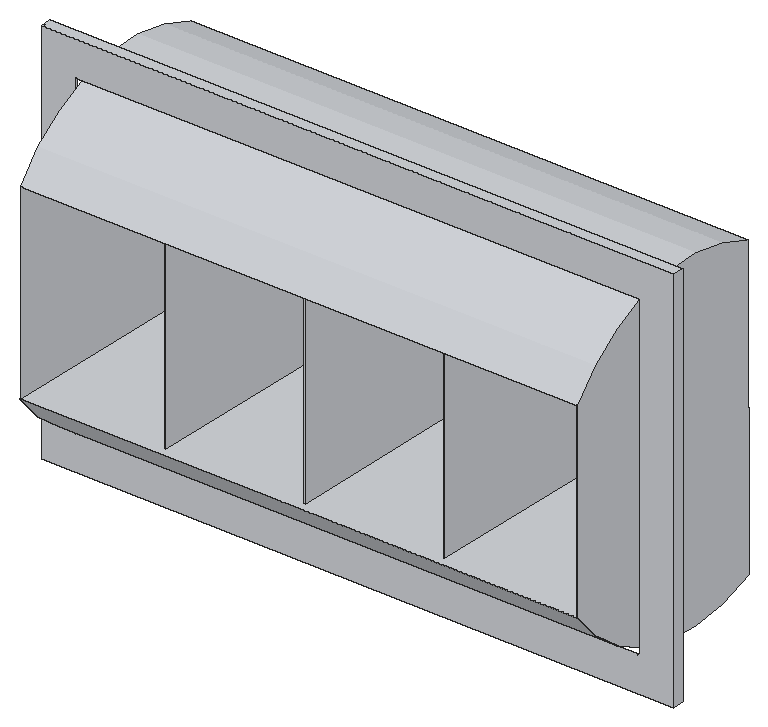
Revit family
Parameters (values of type "Model IJ 12" - 20" wide")
  URL = "http://www.anemostat.com/"
  Overall Width = Nominal Width + 2 11/16"  # 22 11/16"
  Overall Height = 13 15/16"
  Nominal Width div 2 = Nominal Width / 2  # 10"
  Nominal Width = 20"
  Model = "IJ Infini-Jet Drum Louver"
  Manufacturer = "Anemostat"
  Duct Width = Overall Width - 1 13/16"  # 20 7/8"
  Duct Height = Overall Height - 1 11/16"  # 12 1/4"
  D - Drum Depth = 7 5/8"
  Blade Array = Nominal Width / 5" - 1  # 3
  Blade Depth = 6 3/8"
Types (9): name | Overall Width | Nominal Width div 2 | Nominal Width | Duct Width | Blade Array
  (no name) | 22 11/16" | 10" | 20" | 20 7/8" | 3
  Model IJ 12" - 20" wide | 22 11/16" | 10" | 20" | 20 7/8" | 3
  Model IJ 12" - 25" wide | 27 11/16" | 12 1/2" | 25" | 25 7/8" | 4
  Model IJ 12" - 30" wide | 32 11/16" | 15" | 30" | 30 7/8" | 5
  Model IJ 12" - 35" wide | 37 11/16" | 17 1/2" | 35" | 35 7/8" | 6
  Model IJ 12" - 40" wide | 42 11/16" | 20" | 40" | 40 7/8" | 7
  Model IJ 12" - 50" wide | 52 11/16" | 25" | 50" | 50 7/8" | 9
  Model IJ 12" - 60" wide | 62 11/16" | 30" | 60" | 60 7/8" | 11
  Model IJ 12" - 70" wide | 72 11/16" | 35" | 70" | 70 7/8" | 13
Reference planes (in)
  plane 1 "Center (Front/Back)": y = 0
  plane 2: z = 0
  plane 3 "Center (Left/Right)": x = 21.43718
  plane 4: x = 10.09343
  plane 5: x = 32.78093
  plane 6: z = 13.9375
  plane 7 "Drum Right Edge": x = 31.43718
  plane 8 "Drum Left Edge": x = 11.43718
  plane 9 "Drum Front": y = -3
  plane 10 "Drum Back": y = 4.625
  plane 11: x = 11.46718
  plane 12: x = 31.40618
  plane 13: z = 6.96875
  plane 14 "Blades - Front": y = -2.75
  plane 15 "Blades - Back": y = 3.625
  plane 16: x = 26.43718
  plane 17: z = 10.3125
  plane 18: z = 3.625
  plane 19: x = 1.40618
  plane 20: x = 1.46818
Forms (in)
  Sweep 1, solid
    path origin (0, 0, 0) x (1, 0, 0) y (0, 0, 1)
      loop
        line (32.78093, 0) -> (32.78093, 13.9375) -> (10.09343, 13.9375) -> (10.09343, 0) -> (32.78093, 0)
    profile origin (21.43718, 0, 0) x (0, 0, -1) y (0, -1, 0)
      loop
        line (0, 0) -> (0, 0.375) -> (-1.25, 0.375) -> (-1.25, 0.344) -> (-1.219, 0.344) -> (-0.031, 0.344) -> (-0.031, 0) -> (0, 0)
  Extrusion 2, solid
    sketch origin (31.43718, 0, 0) x (0, 0, -1) y (0, -1, 0)
      loop
        line (-3.5625, 3) -> (-10.375, 3)
        arc (-10.375, 3) -> (-12.77862, -0.44606) -> (-12.34375, -4.625) r 6.02158
        line (-12.34375, -4.625) -> (-1.59375, -4.625)
        arc (-1.59375, -4.625) -> (-1.15647, -0.44543) -> (-3.5625, 3) r 6.01385
    from 0 to 20 <- "Nominal Width"
  Extrusion 3, void
    sketch origin (0, -3, 0) x (0, 0, -1) y (1, 0, 0)
      loop
        line (-10.375, 11.46718) -> (-3.5625, 11.46718) -> (-3.5625, 31.40618) -> (-10.375, 31.40618) -> (-10.375, 11.46718)
    from 0 to -7.625
Cuts and joins
  Extrusion 3 cuts Sweep 1
  Extrusion 3 cuts Extrusion 2
Lines and regions (in)
  reference lines
    curve 1: line (21.43718, 5.875, 12.96875) -> (21.43718, -4.125, 12.96875)
    curve 2: line (21.43718, -4.125, 0.96875) -> (21.43718, 5.875, 0.96875)
    curve 3: line (31.43718, -4.125, 10.375) -> (31.43718, 5.875, 10.375)
    curve 4: line (31.43718, -4.125, 3.5625) -> (31.43718, 5.875, 3.5625)
    curve 5: line (31.43718, 5.875, 3.5625) -> (31.43718, 5.625, 3.5625)
    curve 6: line (31.43718, 5.625, 3.5625) -> (31.43718, 5.875, 3.5625)
    curve 7: line (31.43718, -4.125, 12.34375) -> (31.43718, 5.875, 12.34375)
    curve 8: line (31.43718, -4.125, 1.59375) -> (31.43718, 5.875, 1.59375)
Dimensions and locks (in)
  equal spacing: plane 4, plane 3 "Center (Left/Right)", plane 5
  locked: plane 4 to plane 8 "Drum Left Edge" at 1.34375
  locked: plane 7 "Drum Right Edge" to plane 5 at 1.34375
  "D - Drum Depth": plane 9 "Drum Front" to plane 10 "Drum Back"
  plane 6 to level = 13 15/16"
  plane 9 "Drum Front" to plane 10 "Drum Back" = 7 5/8"
  "Nominal Width": plane 8 "Drum Left Edge" to plane 7 "Drum Right Edge"
  "Overall Height": level to plane 6
  equal spacing: level, plane 13, plane 6, locked at 6.96875 each
  "Blade Depth": plane 14 "Blades - Front" to plane 15 "Blades - Back"
  locked: plane 11 to plane 8 "Drum Left Edge" at 0.03
  locked: plane 7 "Drum Right Edge" to plane 12 at 0.031
  locked: plane 12 to plane 16 at 4.969
  equal spacing: group 3, group 2, group 1
  equal spacing: group 1, group 2, group 3  (x2)
Automatic sketch dimensions
  Sweep 1 sketch curve to level = 0"
  plane 4 to Sweep 1 sketch curve = 0"
  plane 5 to Sweep 1 sketch curve = 0"
  Sweep 1 sketch curve to plane 6 = 0"
  Sweep 1 sketch curve to plane 1 "Center (Front/Back)" = 0"
  Sweep 1 sketch curve to profile plane = 0"
  profile plane to Sweep 1 sketch curve = 0.031"
  plane 1 "Center (Front/Back)" to Sweep 1 sketch curve = 0.344"
  Sweep 1 sketch curve to Sweep 1 sketch curve = 1.188"
  Sweep 1 sketch curve to Sweep 1 sketch curve = 0.031"  (x2)
  plane 9 "Drum Front" to curve 2 = 1 1/8"
  plane 9 "Drum Front" to curve 1 = 1 1/8"
  plane 10 "Drum Back" to curve 2 = 1 1/4"
  plane 10 "Drum Back" to curve 1 = 1 1/4"
  level to curve 2 = 31/32"
  curve 1 to plane 6 = 31/32"
  plane 9 "Drum Front" to curve 7 = 1 1/8"
  curve 7 to plane 6 = 1 19/32"
  curve 7 to curve 3 = 1 31/32"
  plane 10 "Drum Back" to curve 4 = 1 1/4"
  curve 4 to plane 13 = 3 13/32"
  curve 4 to curve 8 = 1 31/32"
  plane 10 "Drum Back" to curve 7 = 1 1/4"
  curve 3 to curve 7 = 0"  (x2)
  curve 6 to curve 4 = 0"
  plane 10 "Drum Back" to curve 8 = 1 1/4"
  curve 4 to curve 6 = 1/4"
  plane 9 "Drum Front" to curve 4 = 1 1/8"
  plane 9 "Drum Front" to curve 8 = 1 1/8"
  Extrusion 2 sketch curve to plane 9 "Drum Front" = 0"
  Extrusion 2 sketch curve to plane 10 "Drum Back" = 0"
  Extrusion 2 sketch curve to plane 6 = 1 19/32"
  plane 13 to Extrusion 2 sketch curve = 3 13/32"
  plane 13 to Extrusion 2 sketch curve = 0.01062"
  Extrusion 2 sketch curve to plane 13 = 0.02051"
  Extrusion 2 sketch curve to plane 13 = 3 13/32"
  level to Extrusion 2 sketch curve = 1 19/32"
  Extrusion 3 sketch curve to plane 12 = 0"
  Extrusion 3 sketch curve to plane 11 = 0"
  plane 13 to Extrusion 3 sketch curve = 3 13/32"
  Extrusion 3 sketch curve to plane 13 = 3 13/32"
Nested families (in)
  nested 1: "IJ - Blade" at (26.43718, -2.75, 0), type "IJ - Blade"
  nested 2: "IJ - Blade" at (21.43718, -2.75, 0), type "IJ - Blade"
  nested 3: "IJ - Blade" at (16.43718, -2.75, 0), type "IJ - Blade"
Connectors (in)
  hvac at (21.43718, -0.344, 6.96875), driven by "Duct Width", driven by "Duct Height"
    settings: on cut or joined group of Sweep 1, Extrusion 3, index 1
Definition of nested family "IJ - Blade"
  Reference planes (in)
    plane 1 "Center (Front/Back)": y = 0
    plane 2: z = 0
    plane 3 "Center (Left/Right)": x = 0
  Forms (in)
    Extrusion 1, solid
      sketch origin (-1.43484, 0, 0) x (0, 0, 1) y (1, 0, 0)
        loop
          line (10.3125, 1.40618) -> (10.3125, 1.46818) -> (3.625, 1.46818) -> (3.625, 1.40618) -> (10.3125, 1.40618)
      from 0 to 6.375
